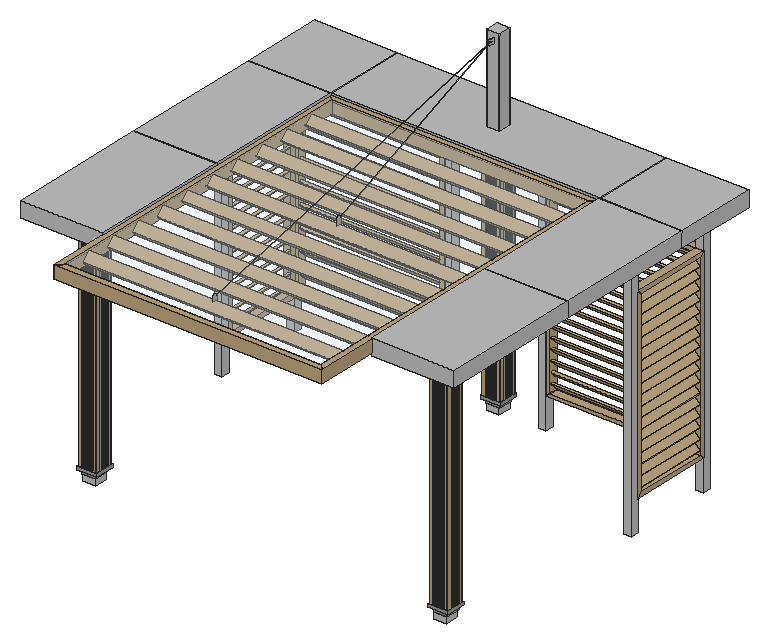
Revit family "L-FUR_파고라_DWP-300_데오스웍스", category 일반 모델, Revit 2021 (continued)
Definition of nested family "DWP-300_base"
  Forms (mm)
    Extrusion 37, solid, detail levels fine
      sketch origin (-14899.851, 7502.305, 0) x (1, 0, 0) y (0, 1, 0)
        loop
          line (16917.872, -4314.707) -> (16930.372, -4314.707) -> (16930.372, -4294.02) -> (16917.872, -4294.02) -> (16917.872, -4314.707)
        loop
          line (16911.872, -4302.895) -> (16915.872, -4302.895) -> (16915.872, -4297.895) -> (16911.872, -4297.895) -> (16911.872, -4302.895)
        loop
          line (16911.872, -4309.801) -> (16911.872, -4314.801) -> (16915.872, -4314.801) -> (16915.872, -4309.801) -> (16911.872, -4309.801)
        loop
          line (16911.872, -4321.707) -> (16911.872, -4326.707) -> (16915.872, -4326.707) -> (16915.872, -4321.707) -> (16911.872, -4321.707)
        loop
          line (16911.872, -4333.614) -> (16911.872, -4338.614) -> (16915.872, -4338.614) -> (16915.872, -4333.614) -> (16911.872, -4333.614)
        loop
          line (17081.872, -4314.707) -> (17081.872, -4294.02) -> (17069.372, -4294.02) -> (17069.372, -4314.707) -> (17081.872, -4314.707)
        loop
          line (17087.872, -4302.895) -> (17087.872, -4297.895) -> (17083.872, -4297.895) -> (17083.872, -4302.895) -> (17087.872, -4302.895)
        loop
          line (17087.872, -4309.801) -> (17083.872, -4309.801) -> (17083.872, -4314.801) -> (17087.872, -4314.801) -> (17087.872, -4309.801)
        loop
          line (17087.872, -4321.707) -> (17083.872, -4321.707) -> (17083.872, -4326.707) -> (17087.872, -4326.707) -> (17087.872, -4321.707)
        loop
          line (17085.872, -4338.614) -> (17087.872, -4338.614) -> (17087.872, -4333.614) -> (17085.872, -4333.614) -> (17085.872, -4338.614)
      from 130 to 2170
    Extrusion 38, solid, detail levels fine
      sketch origin (-14899.851, 7502.305, 0) x (1, 0, 0) y (0, 1, 0)
        loop
          line (16949.872, -4252.02) -> (16916.372, -4252.02)
          arc (16916.372, -4252.02) -> (16911.776, -4253.923) -> (16909.872, -4258.52) r 6.5
          line (16909.872, -4258.52) -> (16909.872, -4292.02) -> (16930.372, -4292.02) -> (16930.372, -4272.52) -> (16949.872, -4272.52) -> (16949.872, -4252.02)
        loop
          line (17083.372, -4252.02) -> (17049.872, -4252.02) -> (17049.872, -4272.52) -> (17069.372, -4272.52) -> (17069.372, -4292.02) -> (17089.872, -4292.02) -> (17089.872, -4258.52)
          arc (17089.872, -4258.52) -> (17087.968, -4253.923) -> (17083.372, -4252.02) r 6.5
        loop
          line (16916.372, -4432.02) -> (16949.872, -4432.02) -> (16949.872, -4411.52) -> (16930.372, -4411.52) -> (16930.372, -4392.02) -> (16909.872, -4392.02) -> (16909.872, -4425.52)
          arc (16909.872, -4425.52) -> (16911.776, -4430.116) -> (16916.372, -4432.02) r 6.5
        loop
          line (17049.872, -4432.02) -> (17083.372, -4432.02)
          arc (17083.372, -4432.02) -> (17087.968, -4430.116) -> (17089.872, -4425.52) r 6.5
          line (17089.872, -4425.52) -> (17089.872, -4392.02) -> (17069.372, -4392.02) -> (17069.372, -4411.52) -> (17049.872, -4411.52) -> (17049.872, -4432.02)
      from 130 to 2170
    Extrusion 39, solid, detail levels fine
      sketch origin (-14899.851, 7502.305, 0) x (1, 0, 0) y (0, 1, 0)
        loop
          line (16909.872, -4343.52) -> (16909.872, -4352.426) -> (16915.872, -4352.426) -> (16915.872, -4355.426) -> (16909.872, -4355.426) -> (16909.872, -4364.332) -> (16915.872, -4364.332) -> (16915.872, -4367.332) -> (16909.872, -4367.332) -> (16909.872, -4376.238) -> (16915.872, -4376.238) -> (16915.872, -4379.238) -> (16909.872, -4379.238) -> (16909.872, -4388.144) -> (16915.872, -4388.144) -> (16915.872, -4392.02) -> (16930.372, -4392.02) -> (16930.372, -4411.52) -> (16949.872, -4411.52) -> (16949.872, -4426.02) -> (16953.748, -4426.02) -> (16953.748, -4432.02) -> (16962.654, -4432.02) -> (16962.654, -4426.02) -> (16965.654, -4426.02) -> (16965.654, -4432.02) -> (16974.56, -4432.02) -> (16974.56, -4426.02) -> (16977.56, -4426.02) -> (16977.56, -4432.02) -> (16986.466, -4432.02) -> (16986.466, -4426.02) -> (16989.466, -4426.02) -> (16989.466, -4432.02) -> (16998.372, -4432.02) -> (16998.372, -4426.02) -> (17001.372, -4426.02) -> (17001.372, -4432.02) -> (17010.278, -4432.02) -> (17010.278, -4426.02) -> (17013.278, -4426.02) -> (17013.278, -4432.02) -> (17022.184, -4432.02) -> (17022.184, -4426.02) -> (17025.184, -4426.02) -> (17025.184, -4432.02) -> (17034.09, -4432.02) -> (17034.09, -4426.02) -> (17037.09, -4426.02) -> (17037.09, -4432.02) -> (17045.996, -4432.02) -> (17045.996, -4426.02) -> (17049.872, -4426.02) -> (17049.872, -4411.52) -> (17069.372, -4411.52) -> (17069.372, -4392.02) -> (17083.872, -4392.02) -> (17083.872, -4388.144) -> (17089.872, -4388.144) -> (17089.872, -4379.238) -> (17083.872, -4379.238) -> (17083.872, -4376.238) -> (17089.872, -4376.238) -> (17089.872, -4367.332) -> (17083.872, -4367.332) -> (17083.872, -4364.332) -> (17089.872, -4364.332) -> (17089.872, -4355.426) -> (17083.872, -4355.426) -> (17083.872, -4352.426) -> (17089.872, -4352.426) -> (17089.872, -4343.52) -> (17083.872, -4343.52) -> (17083.872, -4333.614) -> (17081.872, -4333.614) -> (17081.872, -4367.332) -> (17070.372, -4367.332) -> (17070.372, -4353.02)
          arc (17070.372, -4353.02) -> (17072.372, -4351.02) -> (17070.372, -4349.02) r 2
          line (17070.372, -4349.02) -> (17068.372, -4349.02) -> (17068.372, -4367.332) -> (17065.872, -4367.332) -> (17065.872, -4369.332) -> (17067.372, -4369.332) -> (17067.372, -4390.02) -> (17065.872, -4390.02) -> (17065.872, -4392.02) -> (17067.372, -4392.02) -> (17067.372, -4409.52) -> (17049.872, -4409.52) -> (17049.872, -4408.02) -> (17047.872, -4408.02) -> (17047.872, -4409.52) -> (17000.872, -4409.52) -> (17000.872, -4408.02) -> (16998.872, -4408.02) -> (16998.872, -4409.52) -> (16951.872, -4409.52) -> (16951.872, -4408.02) -> (16949.872, -4408.02) -> (16949.872, -4409.52) -> (16932.372, -4409.52) -> (16932.372, -4392.02) -> (16933.872, -4392.02) -> (16933.872, -4390.02) -> (16932.372, -4390.02) -> (16932.372, -4369.332) -> (16933.872, -4369.332) -> (16933.872, -4367.332) -> (16931.372, -4367.332) -> (16931.372, -4349.02) -> (16929.372, -4349.02)
          arc (16929.372, -4349.02) -> (16927.372, -4351.02) -> (16929.372, -4353.02) r 2
          line (16929.372, -4353.02) -> (16929.372, -4367.332) -> (16917.872, -4367.332) -> (16917.872, -4352.426) -> (16919.872, -4352.426) -> (16919.872, -4343.52) -> (16917.872, -4343.52) -> (16917.872, -4350.426) -> (16915.872, -4350.426) -> (16915.872, -4343.52) -> (16909.872, -4343.52)
        loop
          line (16951.872, -4411.52) -> (16951.872, -4424.02) -> (16955.748, -4424.02) -> (16955.748, -4430.02) -> (16960.748, -4430.02) -> (16960.748, -4424.02) -> (16967.654, -4424.02) -> (16967.654, -4430.02) -> (16972.654, -4430.02) -> (16972.654, -4424.02) -> (16979.56, -4424.02) -> (16979.56, -4430.02) -> (16984.56, -4430.02) -> (16984.56, -4424.02) -> (16991.466, -4424.02) -> (16991.466, -4430.02) -> (16996.466, -4430.02) -> (16996.466, -4424.02) -> (16998.872, -4424.02) -> (16998.872, -4411.52) -> (16951.872, -4411.52)
        loop
          line (17000.872, -4411.52) -> (17000.872, -4424.02) -> (17003.278, -4424.02) -> (17003.278, -4430.02) -> (17008.278, -4430.02) -> (17008.278, -4424.02) -> (17015.184, -4424.02) -> (17015.184, -4430.02) -> (17020.184, -4430.02) -> (17020.184, -4424.02) -> (17027.09, -4424.02) -> (17027.09, -4430.02) -> (17032.09, -4430.02) -> (17032.09, -4424.02) -> (17038.996, -4424.02) -> (17038.996, -4430.02) -> (17043.996, -4430.02) -> (17043.996, -4424.02) -> (17047.872, -4424.02) -> (17047.872, -4411.52) -> (17000.872, -4411.52)
        loop
          line (16917.872, -4390.02) -> (16930.372, -4390.02) -> (16930.372, -4369.332) -> (16917.872, -4369.332) -> (16917.872, -4390.02)
        loop
          line (16911.872, -4350.426) -> (16913.872, -4350.426) -> (16913.872, -4345.426) -> (16911.872, -4345.426) -> (16911.872, -4350.426)
        loop
          line (16911.872, -4362.332) -> (16915.872, -4362.332) -> (16915.872, -4357.332) -> (16911.872, -4357.332) -> (16911.872, -4362.332)
        loop
          line (16911.872, -4374.238) -> (16915.872, -4374.238) -> (16915.872, -4369.238) -> (16911.872, -4369.238) -> (16911.872, -4374.238)
        loop
          line (16911.872, -4381.144) -> (16911.872, -4386.144) -> (16915.872, -4386.144) -> (16915.872, -4381.144) -> (16911.872, -4381.144)
        loop
          line (17069.372, -4369.332) -> (17069.372, -4390.02) -> (17081.872, -4390.02) -> (17081.872, -4369.332) -> (17069.372, -4369.332)
        loop
          line (17087.872, -4381.144) -> (17083.872, -4381.144) -> (17083.872, -4386.144) -> (17087.872, -4386.144) -> (17087.872, -4381.144)
        loop
          line (17087.872, -4369.238) -> (17083.872, -4369.238) -> (17083.872, -4374.238) -> (17087.872, -4374.238) -> (17087.872, -4369.238)
        loop
          line (17087.872, -4357.332) -> (17083.872, -4357.332) -> (17083.872, -4362.332) -> (17087.872, -4362.332) -> (17087.872, -4357.332)
        loop
          line (17087.872, -4345.426) -> (17083.872, -4345.426) -> (17083.872, -4350.426) -> (17087.872, -4350.426) -> (17087.872, -4345.426)
      from 130 to 2170
    Extrusion 40, solid, detail levels fine
      sketch origin (-14899.851, 7502.305, 0) x (1, 0, 0) y (0, 1, 0)
        loop
          line (16933.872, -4337.02) -> (16933.872, -4342.047) -> (16933.872, -4347.02) -> (16925.372, -4347.02) -> (16925.372, -4357.62) -> (16927.372, -4357.62) -> (16927.372, -4355.62) -> (16929.172, -4353.82) -> (16927.372, -4352.02) -> (16927.372, -4349.02) -> (16933.872, -4349.02) -> (16933.872, -4396.02)
          arc (16933.872, -4396.02) -> (16937.387, -4404.505) -> (16945.872, -4408.02) r 12
          line (16945.872, -4408.02) -> (17053.872, -4408.02)
          arc (17053.872, -4408.02) -> (17062.357, -4404.505) -> (17065.872, -4396.02) r 12
          line (17065.872, -4396.02) -> (17065.872, -4349.02) -> (17072.372, -4349.02) -> (17072.372, -4352.02) -> (17070.572, -4353.82) -> (17072.372, -4355.62) -> (17072.372, -4357.62) -> (17074.372, -4357.62) -> (17074.372, -4347.02) -> (17065.872, -4347.02) -> (17065.872, -4342.034) -> (17065.872, -4337.02) -> (17074.372, -4337.02) -> (17074.372, -4326.42) -> (17072.372, -4326.42) -> (17072.372, -4328.42) -> (17070.572, -4330.22) -> (17072.372, -4332.02) -> (17072.372, -4335.02) -> (17065.872, -4335.02) -> (17065.872, -4288.02)
          arc (17065.872, -4288.02) -> (17062.357, -4279.534) -> (17053.872, -4276.02) r 12
          line (17053.872, -4276.02) -> (16945.872, -4276.02)
          arc (16945.872, -4276.02) -> (16937.387, -4279.534) -> (16933.872, -4288.02) r 12
          line (16933.872, -4288.02) -> (16933.872, -4335.02) -> (16927.372, -4335.02) -> (16927.372, -4332.02) -> (16929.172, -4330.22) -> (16927.372, -4328.42) -> (16927.372, -4326.42) -> (16925.372, -4326.42) -> (16925.372, -4337.02) -> (16933.872, -4337.02)
        loop
          line (17063.872, -4342.194) -> (17063.872, -4337.02) -> (17062.372, -4337.02) -> (17062.372, -4335.02) -> (17063.872, -4335.02) -> (17063.872, -4294.02) -> (17062.372, -4294.02) -> (17062.372, -4292.02) -> (17063.872, -4292.02) -> (17063.872, -4288.02)
          arc (17063.872, -4288.02) -> (17060.943, -4280.949) -> (17053.872, -4278.02) r 10
          line (17053.872, -4278.02) -> (17049.872, -4278.02) -> (17049.872, -4279.52) -> (17047.872, -4279.52) -> (17047.872, -4278.02) -> (17000.872, -4278.02) -> (17000.872, -4279.52) -> (16998.872, -4279.52) -> (16998.872, -4278.02) -> (16951.872, -4278.02) -> (16951.872, -4279.52) -> (16949.872, -4279.52) -> (16949.872, -4278.02) -> (16945.872, -4278.02)
          arc (16945.872, -4278.02) -> (16938.801, -4280.949) -> (16935.872, -4288.02) r 10
          line (16935.872, -4288.02) -> (16935.872, -4292.02) -> (16937.372, -4292.02) -> (16937.372, -4294.02) -> (16935.872, -4294.02) -> (16935.872, -4335.02) -> (16937.372, -4335.02) -> (16937.372, -4337.02) -> (16935.872, -4337.02) -> (16935.872, -4341.816) -> (16935.872, -4347.02) -> (16937.372, -4347.02) -> (16937.372, -4349.02) -> (16935.872, -4349.02) -> (16935.872, -4390.02) -> (16937.372, -4390.02) -> (16937.372, -4392.02) -> (16935.872, -4392.02) -> (16935.872, -4396.02)
          arc (16935.872, -4396.02) -> (16938.801, -4403.091) -> (16945.872, -4406.02) r 10
          line (16945.872, -4406.02) -> (16949.872, -4406.02) -> (16949.872, -4404.52) -> (16951.872, -4404.52) -> (16951.872, -4406.02) -> (16998.872, -4406.02) -> (16998.872, -4404.52) -> (17000.872, -4404.52) -> (17000.872, -4406.02) -> (17047.872, -4406.02) -> (17047.872, -4404.52) -> (17049.872, -4404.52) -> (17049.872, -4406.02) -> (17053.872, -4406.02)
          arc (17053.872, -4406.02) -> (17060.943, -4403.091) -> (17063.872, -4396.02) r 10
          line (17063.872, -4396.02) -> (17063.872, -4392.02) -> (17062.372, -4392.02) -> (17062.372, -4390.02) -> (17063.872, -4390.02) -> (17063.872, -4349.02) -> (17062.372, -4349.02) -> (17062.372, -4347.02) -> (17063.872, -4347.02) -> (17063.872, -4342.194)
      from 130 to 2170
    Extrusion 41, solid, detail levels fine
      sketch origin (-14899.851, 7502.305, 0) x (1, 0, 0) y (0, 1, 0)
        loop
          line (17053.872, -4282.72) -> (16945.872, -4282.72)
          arc (16945.872, -4282.72) -> (16942.124, -4284.272) -> (16940.572, -4288.02) r 5.3
          line (16940.572, -4288.02) -> (16940.572, -4396.02)
          arc (16940.572, -4396.02) -> (16942.124, -4399.767) -> (16945.872, -4401.32) r 5.3
          line (16945.872, -4401.32) -> (17053.872, -4401.32)
          arc (17053.872, -4401.32) -> (17057.62, -4399.767) -> (17059.172, -4396.02) r 5.3
          line (17059.172, -4396.02) -> (17059.172, -4288.02)
          arc (17059.172, -4288.02) -> (17057.62, -4284.272) -> (17053.872, -4282.72) r 5.3
        loop
          line (17053.872, -4279.52) -> (16945.872, -4279.52)
          arc (16945.872, -4279.52) -> (16939.862, -4282.009) -> (16937.372, -4288.02) r 8.5
          line (16937.372, -4288.02) -> (16937.372, -4396.02)
          arc (16937.372, -4396.02) -> (16939.862, -4402.03) -> (16945.872, -4404.52) r 8.5
          line (16945.872, -4404.52) -> (17053.872, -4404.52)
          arc (17053.872, -4404.52) -> (17059.882, -4402.03) -> (17062.372, -4396.02) r 8.5
          line (17062.372, -4396.02) -> (17062.372, -4288.02)
          arc (17062.372, -4288.02) -> (17059.882, -4282.009) -> (17053.872, -4279.52) r 8.5
      from 130 to 2170
    Extrusion 42, solid, detail levels fine
      sketch origin (-1700, 2760, 0) x (1, 0, 0) y (0, 1, 0)
        loop
          line (3705.021, 305.286) -> (3895.021, 305.286) -> (3895.021, 495.286) -> (3705.021, 495.286) -> (3705.021, 305.286)
      from 100 to 130
    Extrusion 43, solid, detail levels fine
      sketch origin (-1700, 2760, 0) x (1, 0, 0) y (0, 1, 0)
        loop
          line (3732.021, 468.286) -> (3732.021, 333.286) -> (3867.021, 333.286) -> (3867.021, 468.286) -> (3732.021, 468.286)
      from 60 to 100
    Extrusion 44, solid, detail levels fine
      sketch origin (-1700, 2760, 0) x (1, 0, 0) y (0, 1, 0)
        loop
          line (3705.021, 305.286) -> (3895.021, 305.286) -> (3895.021, 495.286) -> (3705.021, 495.286) -> (3705.021, 305.286)
      from 2170 to 2200
    Extrusion 45, solid, detail levels fine
      sketch origin (-1700, 2760, 0) x (1, 0, 0) y (0, 1, 0)
        loop
          line (3732.021, 468.286) -> (3732.021, 333.286) -> (3867.021, 333.286) -> (3867.021, 468.286) -> (3732.021, 468.286)
      from 2200 to 2240
    Extrusion 46, solid, detail levels fine
      sketch origin (-1700, 2760, 0) x (1, 0, 0) y (0, 1, 0)
        loop
          line (3737.021, 458.286) -> (3737.021, 333.286) -> (3862.021, 333.286) -> (3862.021, 458.286) -> (3737.021, 458.286)
      from 0 to 60
    Extrusion 47, solid, detail levels fine
      sketch origin (-1700, 2760, 0) x (1, 0, 0) y (0, 1, 0)
        loop
          line (3737.021, 458.286) -> (3737.021, 333.286) -> (3862.021, 333.286) -> (3862.021, 458.286) -> (3737.021, 458.286)
      from 2240 to 2300
    Extrusion 48, solid, detail levels fine
      sketch origin (-1700, 2760, 0) x (1, 0, 0) y (0, 1, 0)
        loop
          line (3687.5, 512.5) -> (3687.5, 287.5) -> (3912.5, 287.5) -> (3912.5, 512.5) -> (3687.5, 512.5)
      from 2300 to 2310
    Extrusion 49, solid, detail levels fine
      sketch origin (0, 0, 0) x (1, 0, 0) y (0, 0, 1)
        loop
          line (4044.645, 2021.213) -> (4101.213, 1964.645) -> (4115.355, 1978.787) -> (4058.787, 2035.355) -> (4044.645, 2021.213)
        loop
          line (4115.355, 1878.787) -> (4058.787, 1935.355) -> (4044.645, 1921.213) -> (4101.213, 1864.645) -> (4115.355, 1878.787)
        loop
          line (4115.355, 1778.787) -> (4058.787, 1835.355) -> (4044.645, 1821.213) -> (4101.213, 1764.645) -> (4115.355, 1778.787)
        loop
          line (4115.355, 1678.787) -> (4058.787, 1735.355) -> (4044.645, 1721.213) -> (4101.213, 1664.645) -> (4115.355, 1678.787)
        loop
          line (4115.355, 1578.787) -> (4058.787, 1635.355) -> (4044.645, 1621.213) -> (4101.213, 1564.645) -> (4115.355, 1578.787)
        loop
          line (4115.355, 1478.787) -> (4058.787, 1535.355) -> (4044.645, 1521.213) -> (4101.213, 1464.645) -> (4115.355, 1478.787)
        loop
          line (4115.355, 1378.787) -> (4058.787, 1435.355) -> (4044.645, 1421.213) -> (4101.213, 1364.645) -> (4115.355, 1378.787)
        loop
          line (4115.355, 1278.787) -> (4058.787, 1335.355) -> (4044.645, 1321.213) -> (4101.213, 1264.645) -> (4115.355, 1278.787)
        loop
          line (4115.355, 1178.787) -> (4058.787, 1235.355) -> (4044.645, 1221.213) -> (4101.213, 1164.645) -> (4115.355, 1178.787)
        loop
          line (4044.645, 1121.213) -> (4101.213, 1064.645) -> (4115.355, 1078.787) -> (4058.787, 1135.355) -> (4044.645, 1121.213)
        loop
          line (4115.355, 978.787) -> (4058.787, 1035.355) -> (4044.645, 1021.213) -> (4101.213, 964.645) -> (4115.355, 978.787)
        loop
          line (4115.355, 878.787) -> (4058.787, 935.355) -> (4044.645, 921.213) -> (4101.213, 864.645) -> (4115.355, 878.787)
        loop
          line (4115.355, 778.787) -> (4058.787, 835.355) -> (4044.645, 821.213) -> (4101.213, 764.645) -> (4115.355, 778.787)
        loop
          line (4044.645, 721.213) -> (4101.213, 664.645) -> (4115.355, 678.787) -> (4058.787, 735.355) -> (4044.645, 721.213)
        loop
          line (4044.645, 621.213) -> (4101.213, 564.645) -> (4115.355, 578.787) -> (4058.787, 635.355) -> (4044.645, 621.213)
        loop
          line (4115.355, 478.787) -> (4058.787, 535.355) -> (4044.645, 521.213) -> (4101.213, 464.645) -> (4115.355, 478.787)
        loop
          line (4115.355, 378.787) -> (4058.787, 435.355) -> (4044.645, 421.213) -> (4101.213, 364.645) -> (4115.355, 378.787)
        loop
          line (155.355, 2021.213) -> (141.213, 2035.355) -> (84.645, 1978.787) -> (98.787, 1964.645) -> (155.355, 2021.213)
        loop
          line (84.645, 1878.787) -> (98.787, 1864.645) -> (155.355, 1921.213) -> (141.213, 1935.355) -> (84.645, 1878.787)
        loop
          line (155.355, 1821.213) -> (141.213, 1835.355) -> (84.645, 1778.787) -> (98.787, 1764.645) -> (155.355, 1821.213)
        loop
          line (155.355, 1721.213) -> (141.213, 1735.355) -> (84.645, 1678.787) -> (98.787, 1664.645) -> (155.355, 1721.213)
        loop
          line (84.645, 1578.787) -> (98.787, 1564.645) -> (155.355, 1621.213) -> (141.213, 1635.355) -> (84.645, 1578.787)
        loop
          line (84.645, 1478.787) -> (98.787, 1464.645) -> (155.355, 1521.213) -> (141.213, 1535.355) -> (84.645, 1478.787)
        loop
          line (84.645, 1378.787) -> (98.787, 1364.645) -> (155.355, 1421.213) -> (141.213, 1435.355) -> (84.645, 1378.787)
        loop
          line (155.355, 1321.213) -> (141.213, 1335.355) -> (84.645, 1278.787) -> (98.787, 1264.645) -> (155.355, 1321.213)
        loop
          line (84.645, 1178.787) -> (98.787, 1164.645) -> (155.355, 1221.213) -> (141.213, 1235.355) -> (84.645, 1178.787)
        loop
          line (84.645, 1078.787) -> (98.787, 1064.645) -> (155.355, 1121.213) -> (141.213, 1135.355) -> (84.645, 1078.787)
        loop
          line (84.645, 978.787) -> (98.787, 964.645) -> (155.355, 1021.213) -> (141.213, 1035.355) -> (84.645, 978.787)
        loop
          line (155.355, 921.213) -> (141.213, 935.355) -> (84.645, 878.787) -> (98.787, 864.645) -> (155.355, 921.213)
        loop
          line (84.645, 778.787) -> (98.787, 764.645) -> (155.355, 821.213) -> (141.213, 835.355) -> (84.645, 778.787)
        loop
          line (155.355, 721.213) -> (141.213, 735.355) -> (84.645, 678.787) -> (98.787, 664.645) -> (155.355, 721.213)
        loop
          line (84.645, 578.787) -> (98.787, 564.645) -> (155.355, 621.213) -> (141.213, 635.355) -> (84.645, 578.787)
        loop
          line (84.645, 478.787) -> (98.787, 464.645) -> (155.355, 521.213) -> (141.213, 535.355) -> (84.645, 478.787)
        loop
          line (84.645, 378.787) -> (98.787, 364.645) -> (155.355, 421.213) -> (141.213, 435.355) -> (84.645, 378.787)
      from -3082.5 to -2362.5
    Extrusion 50, solid, detail levels fine
      sketch origin (0, 0, 0) x (0, 1, 0) y (0, 0, 1)
        loop
          line (2322.5, 2100.355) -> (2362.5, 2060.355) -> (3082.5, 2060.355) -> (3122.5, 2100.355) -> (2322.5, 2100.355)
        loop
          line (2322.5, 300) -> (3122.5, 300) -> (3082.5, 340) -> (2362.5, 340) -> (2322.5, 300)
      from 82.5 to 157.5
    Extrusion 51, solid, detail levels fine
      sketch origin (0, 0, 0) x (0, 1, 0) y (0, 0, 1)
        loop
          line (2362.5, 2060.355) -> (2322.5, 2100.355) -> (2322.5, 300) -> (2362.5, 340) -> (2362.5, 2060.355)
        loop
          line (3082.5, 2060.355) -> (3082.5, 340) -> (3122.5, 300) -> (3122.5, 2100.355) -> (3082.5, 2060.355)
      from 82.5 to 157.5
    Extrusion 52, solid, detail levels fine
      sketch origin (0, 0, 0) x (0, 1, 0) y (0, 0, 1)
        loop
          line (2362.5, 2060.355) -> (2322.5, 2100.355) -> (2322.5, 300) -> (2362.5, 340) -> (2362.5, 2060.355)
        loop
          line (3082.5, 2060.355) -> (3082.5, 340) -> (3122.5, 300) -> (3122.5, 2100.355) -> (3082.5, 2060.355)
      from 4042.5 to 4117.5
    Extrusion 53, solid, detail levels fine
      sketch origin (0, 0, 0) x (0, 1, 0) y (0, 0, 1)
        loop
          line (2322.5, 2100.355) -> (2362.5, 2060.355) -> (3082.5, 2060.355) -> (3122.5, 2100.355) -> (2322.5, 2100.355)
        loop
          line (2322.5, 300) -> (3122.5, 300) -> (3082.5, 340) -> (2362.5, 340) -> (2322.5, 300)
      from 4042.5 to 4117.5
    Extrusion 54, solid, detail levels fine
      sketch origin (0, 0, 0) x (1, 0, 0) y (0, 0, 1)
        loop
          line (157.5, 2100.355) -> (157.5, 300) -> (198, 340.5) -> (198, 2059.855) -> (157.5, 2100.355)
        loop
          line (1607.5, 300) -> (1607.5, 2100.355) -> (1567.5, 2060.355) -> (1567.5, 340) -> (1607.5, 300)
        loop
          line (2592.5, 2100.355) -> (2592.5, 300) -> (2633, 340.5) -> (2633, 2059.855) -> (2592.5, 2100.355)
        loop
          line (4042.5, 300) -> (4042.5, 2100.355) -> (4002.5, 2060.355) -> (4002.5, 340) -> (4042.5, 300)
      from -3197.5 to -3122.5
    Extrusion 55, solid, detail levels fine
      sketch origin (0, -16600, 0) x (1, 0, 0) y (0, 1, 0)
        loop
          arc (2045, 19822.5) -> (2039.697, 19820.303) -> (2037.5, 19815) r 7.5
          line (2037.5, 19815) -> (2037.5, 19705)
          arc (2037.5, 19705) -> (2039.697, 19699.697) -> (2045, 19697.5) r 7.5
          line (2045, 19697.5) -> (2155, 19697.5)
          arc (2155, 19697.5) -> (2160.303, 19699.697) -> (2162.5, 19705) r 7.5
          line (2162.5, 19705) -> (2162.5, 19815)
          arc (2162.5, 19815) -> (2160.303, 19820.303) -> (2155, 19822.5) r 7.5
          line (2155, 19822.5) -> (2045, 19822.5)
      from 2460 to 3300
    Extrusion 56, solid, detail levels fine
      sketch origin (0, 0, 0) x (0, 1, 0) y (0, 0, 1)
        loop
          arc (3062.5, 3250) -> (3044.822, 3242.678) -> (3037.5, 3225) r 25
          arc (3037.5, 3225) -> (3044.822, 3207.322) -> (3062.5, 3200) r 25
          line (3062.5, 3200) -> (3097.5, 3200) -> (3097.5, 3250) -> (3062.5, 3250)
        loop
          circle (3062.5, 3225) r 10
        loop
          circle (1230, 2497.591) r 10
        loop
          line (1255, 2445) -> (1255, 2497.591)
          arc (1255, 2497.591) -> (1247.678, 2515.269) -> (1230, 2522.591) r 25
          arc (1230, 2522.591) -> (1212.322, 2515.269) -> (1205, 2497.591) r 25
          line (1205, 2497.591) -> (1205, 2445) -> (1255, 2445)
        loop
          arc (-245, 2480) -> (-252.322, 2497.678) -> (-270, 2505) r 25
          arc (-270, 2505) -> (-287.678, 2497.678) -> (-295, 2480) r 25
          line (-295, 2480) -> (-295, 2445) -> (-245, 2445) -> (-245, 2480)
        loop
          circle (-270, 2480) r 10
      from 2097.5 to 2102.5
    Sweep 57, solid, detail levels fine
      path in 3D
        loop
          line (2100, 1230, 2497.591) -> (2100, 3062.5, 3225) -> (2100, -270, 2480)
      profile "DWP-300_프로파일 : DWP-300_프로파일" origin (2100, 2146.25, 2861.296) x (0, -0.368945, 0.929451) y (1, 0, 0)
        loop
          circle (0, 0) r 0.79
    Extrusion 58, solid, detail levels coarse+medium
      sketch origin (0, 0, 0) x (1, 0, 0) y (0, 1, 0)
        loop
          line (82.5, 3197.5) -> (82.5, 3122.5) -> (157.5, 3122.5) -> (157.5, 3197.5) -> (82.5, 3197.5)
        loop
          line (82.5, 2322.5) -> (82.5, 2247.5) -> (157.5, 2247.5) -> (157.5, 2322.5) -> (82.5, 2322.5)
        loop
          line (1607.5, 3197.5) -> (1607.5, 3122.5) -> (1682.5, 3122.5) -> (1682.5, 3197.5) -> (1607.5, 3197.5)
        loop
          line (2517.5, 3197.5) -> (2517.5, 3122.5) -> (2592.5, 3122.5) -> (2592.5, 3197.5) -> (2517.5, 3197.5)
        loop
          line (4042.5, 3197.5) -> (4042.5, 3122.5) -> (4117.5, 3122.5) -> (4117.5, 3197.5) -> (4042.5, 3197.5)
        loop
          line (4042.5, 2322.5) -> (4042.5, 2247.5) -> (4117.5, 2247.5) -> (4117.5, 2322.5) -> (4042.5, 2322.5)
      from 0 to 2310
    Extrusion 59, solid, detail levels coarse+medium
      sketch origin (0, 0, 0) x (1, 0, 0) y (0, 1, 0)
        loop
          line (800, 2760) -> (800, -600) -> (3400, -600) -> (3400, 2760) -> (800, 2760)
        loop
          line (3340, 2700) -> (860, 2700) -> (860, -540) -> (3340, -540) -> (3340, 2700)
      from 2445 to 2325
    Extrusion 60, solid, detail levels coarse+medium
      sketch origin (0, 0, 0) x (1, 0, 0) y (0, 0, 1)
        loop
          line (157.5, 2100.355) -> (157.5, 300) -> (1607.5, 300) -> (1607.5, 2100.355) -> (157.5, 2100.355)
        loop
          line (2592.5, 2100.355) -> (2592.5, 300) -> (4042.5, 300) -> (4042.5, 2100.355) -> (2592.5, 2100.355)
      from -3197.5 to -3122.5
    Extrusion 61, solid, detail levels coarse+medium
      sketch origin (0, 0, 0) x (1, 0, 0) y (0, 1, 0)
        loop
          line (860, 2700) -> (860, -540) -> (3340, -540) -> (3340, 2700) -> (860, 2700)
      from 2435 to 2445
    Extrusion 62, solid, detail levels coarse+medium
      sketch origin (-13199.851, 4742.305, 0) x (1, 0, 0) y (0, 1, 0)
        loop
          line (16949.872, -4252.02) -> (16949.872, -4272.52) -> (17049.872, -4272.52) -> (17049.872, -4252.02) -> (16949.872, -4252.02)
        loop
          line (17069.372, -4292.02) -> (17069.372, -4392.02) -> (17089.872, -4392.02) -> (17089.872, -4292.02) -> (17069.372, -4292.02)
        loop
          line (17049.872, -4411.52) -> (16949.872, -4411.52) -> (16949.872, -4432.02) -> (17049.872, -4432.02) -> (17049.872, -4411.52)
        loop
          line (16909.872, -4392.02) -> (16930.372, -4392.02) -> (16930.372, -4292.02) -> (16909.872, -4292.02) -> (16909.872, -4392.02)
      from 130 to 2170
    Extrusion 63, solid, detail levels coarse+medium
      sketch origin (-13199.851, 4742.305, 0) x (1, 0, 0) y (0, 1, 0)
        loop
          line (16949.872, -4252.02) -> (16909.872, -4252.02) -> (16909.872, -4292.02) -> (16930.372, -4292.02) -> (16930.372, -4272.52) -> (16949.872, -4272.52) -> (16949.872, -4252.02)
        loop
          line (17089.872, -4252.02) -> (17049.872, -4252.02) -> (17049.872, -4272.52) -> (17069.372, -4272.52) -> (17069.372, -4292.02) -> (17089.872, -4292.02) -> (17089.872, -4252.02)
        loop
          line (16909.872, -4432.02) -> (16949.872, -4432.02) -> (16949.872, -4411.52) -> (16930.372, -4411.52) -> (16930.372, -4392.02) -> (16909.872, -4392.02) -> (16909.872, -4432.02)
        loop
          line (17049.872, -4432.02) -> (17089.872, -4432.02) -> (17089.872, -4392.02) -> (17069.372, -4392.02) -> (17069.372, -4411.52) -> (17049.872, -4411.52) -> (17049.872, -4432.02)
      from 130 to 2170
    Extrusion 64, solid, detail levels coarse+medium
      sketch origin (0, 0, 0) x (1, 0, 0) y (0, 1, 0)
        loop
          line (3705.021, 305.286) -> (3895.021, 305.286) -> (3895.021, 495.286) -> (3705.021, 495.286) -> (3705.021, 305.286)
      from 0 to 130
    Extrusion 65, solid, detail levels coarse+medium
      sketch origin (0, 0, 0) x (1, 0, 0) y (0, 1, 0)
        loop
          line (3705.021, 305.286) -> (3895.021, 305.286) -> (3895.021, 495.286) -> (3705.021, 495.286) -> (3705.021, 305.286)
      from 2170 to 2310
    Extrusion 66, solid, detail levels coarse+medium
      sketch origin (0, 0, 0) x (0, 1, 0) y (0, 0, 1)
        loop
          line (2322.5, 2100.355) -> (2322.5, 300) -> (3122.5, 300) -> (3122.5, 2100.355) -> (2322.5, 2100.355)
      from 82.5 to 157.5
    Extrusion 67, solid, detail levels coarse+medium
      sketch origin (0, 0, 0) x (0, 1, 0) y (0, 0, 1)
        loop
          line (2322.5, 2100.355) -> (2322.5, 300) -> (3122.5, 300) -> (3122.5, 2100.355) -> (2322.5, 2100.355)
      from 4042.5 to 4117.5
    Extrusion 68, solid, detail levels coarse+medium
      sketch origin (0, -16600, 0) x (1, 0, 0) y (0, 1, 0)
        loop
          line (2037.5, 19822.5) -> (2037.5, 19697.5) -> (2162.5, 19697.5) -> (2162.5, 19822.5) -> (2037.5, 19822.5)
      from 2460 to 3300
    Extrusion 69, solid, detail levels coarse+medium
      sketch origin (-5900, 0, 0) x (1, 0, 0) y (0, 1, 0)
        loop
          line (5900, 3560) -> (5900, 0) -> (6700, 0) -> (6700, 2760) -> (9300, 2760) -> (9300, 0) -> (10100, 0) -> (10100, 3560) -> (5900, 3560)
      from 2310 to 2460
    Extrusion 70, solid, detail levels coarse+medium
      sketch origin (0, 0, 0) x (1, 0, 0) y (0, 1, 0)
        loop
          line (860, 2700) -> (860, -540) -> (3340, -540) -> (3340, 2700) -> (860, 2700)
      from 2325 to 2441.569
    Extrusion 71, solid, detail levels coarse+medium
      sketch origin (-16599.851, 4742.305, 0) x (1, 0, 0) y (0, 1, 0)
        loop
          line (16949.872, -4252.02) -> (16949.872, -4272.52) -> (17049.872, -4272.52) -> (17049.872, -4252.02) -> (16949.872, -4252.02)
        loop
          line (17069.372, -4292.02) -> (17069.372, -4392.02) -> (17089.872, -4392.02) -> (17089.872, -4292.02) -> (17069.372, -4292.02)
        loop
          line (17049.872, -4411.52) -> (16949.872, -4411.52) -> (16949.872, -4432.02) -> (17049.872, -4432.02) -> (17049.872, -4411.52)
        loop
          line (16909.872, -4392.02) -> (16930.372, -4392.02) -> (16930.372, -4292.02) -> (16909.872, -4292.02) -> (16909.872, -4392.02)
      from 130 to 2170
    Extrusion 72, solid, detail levels coarse+medium
      sketch origin (-16599.851, 4742.305, 0) x (1, 0, 0) y (0, 1, 0)
        loop
          line (16949.872, -4252.02) -> (16909.872, -4252.02) -> (16909.872, -4292.02) -> (16930.372, -4292.02) -> (16930.372, -4272.52) -> (16949.872, -4272.52) -> (16949.872, -4252.02)
        loop
          line (17089.872, -4252.02) -> (17049.872, -4252.02) -> (17049.872, -4272.52) -> (17069.372, -4272.52) -> (17069.372, -4292.02) -> (17089.872, -4292.02) -> (17089.872, -4252.02)
        loop
          line (16909.872, -4432.02) -> (16949.872, -4432.02) -> (16949.872, -4411.52) -> (16930.372, -4411.52) -> (16930.372, -4392.02) -> (16909.872, -4392.02) -> (16909.872, -4432.02)
        loop
          line (17049.872, -4432.02) -> (17089.872, -4432.02) -> (17089.872, -4392.02) -> (17069.372, -4392.02) -> (17069.372, -4411.52) -> (17049.872, -4411.52) -> (17049.872, -4432.02)
      from 130 to 2170
    Extrusion 73, solid, detail levels coarse+medium
      sketch origin (-3400, 0, 0) x (1, 0, 0) y (0, 1, 0)
        loop
          line (3705.021, 305.286) -> (3895.021, 305.286) -> (3895.021, 495.286) -> (3705.021, 495.286) -> (3705.021, 305.286)
      from 0 to 130
    Extrusion 74, solid, detail levels coarse+medium
      sketch origin (-3400, 0, 0) x (1, 0, 0) y (0, 1, 0)
        loop
          line (3705.021, 305.286) -> (3895.021, 305.286) -> (3895.021, 495.286) -> (3705.021, 495.286) -> (3705.021, 305.286)
      from 2170 to 2310
    Extrusion 75, solid, detail levels coarse+medium
      sketch origin (-14899.872, 7502.02, 0) x (1, 0, 0) y (0, 1, 0)
        loop
          line (16949.872, -4252.02) -> (16949.872, -4272.52) -> (17049.872, -4272.52) -> (17049.872, -4252.02) -> (16949.872, -4252.02)
        loop
          line (17069.372, -4292.02) -> (17069.372, -4392.02) -> (17089.872, -4392.02) -> (17089.872, -4292.02) -> (17069.372, -4292.02)
        loop
          line (17049.872, -4411.52) -> (16949.872, -4411.52) -> (16949.872, -4432.02) -> (17049.872, -4432.02) -> (17049.872, -4411.52)
        loop
          line (16909.872, -4392.02) -> (16930.372, -4392.02) -> (16930.372, -4292.02) -> (16909.872, -4292.02) -> (16909.872, -4392.02)
      from 130 to 2170
    Extrusion 76, solid, detail levels coarse+medium
      sketch origin (-14899.872, 7502.02, 0) x (1, 0, 0) y (0, 1, 0)
        loop
          line (16949.872, -4252.02) -> (16909.872, -4252.02) -> (16909.872, -4292.02) -> (16930.372, -4292.02) -> (16930.372, -4272.52) -> (16949.872, -4272.52) -> (16949.872, -4252.02)
        loop
          line (17089.872, -4252.02) -> (17049.872, -4252.02) -> (17049.872, -4272.52) -> (17069.372, -4272.52) -> (17069.372, -4292.02) -> (17089.872, -4292.02) -> (17089.872, -4252.02)
        loop
          line (16909.872, -4432.02) -> (16949.872, -4432.02) -> (16949.872, -4411.52) -> (16930.372, -4411.52) -> (16930.372, -4392.02) -> (16909.872, -4392.02) -> (16909.872, -4432.02)
        loop
          line (17049.872, -4432.02) -> (17089.872, -4432.02) -> (17089.872, -4392.02) -> (17069.372, -4392.02) -> (17069.372, -4411.52) -> (17049.872, -4411.52) -> (17049.872, -4432.02)
      from 130 to 2170
    Extrusion 77, solid, detail levels coarse+medium
      sketch origin (-1700.021, 2759.714, 0) x (1, 0, 0) y (0, 1, 0)
        loop
          line (3705.021, 305.286) -> (3895.021, 305.286) -> (3895.021, 495.286) -> (3705.021, 495.286) -> (3705.021, 305.286)
      from 0 to 130
    Extrusion 78, solid, detail levels coarse+medium
      sketch origin (-1700.021, 2759.714, 0) x (1, 0, 0) y (0, 1, 0)
        loop
          line (3705.021, 305.286) -> (3895.021, 305.286) -> (3895.021, 495.286) -> (3705.021, 495.286) -> (3705.021, 305.286)
      from 2170 to 2310
  Lines and regions (mm)
    sketch lines
      curve 1: line (2100, 1230, 2497.591) -> (2100, 3062.5, 3225)
      curve 2: line (2100, 3062.5, 3225) -> (2100, -270, 2480)
  Dimensions and locks
    Extrusion 18 to Extrusion 20 = 190 mm
    aligned and locked: level to plane 2
